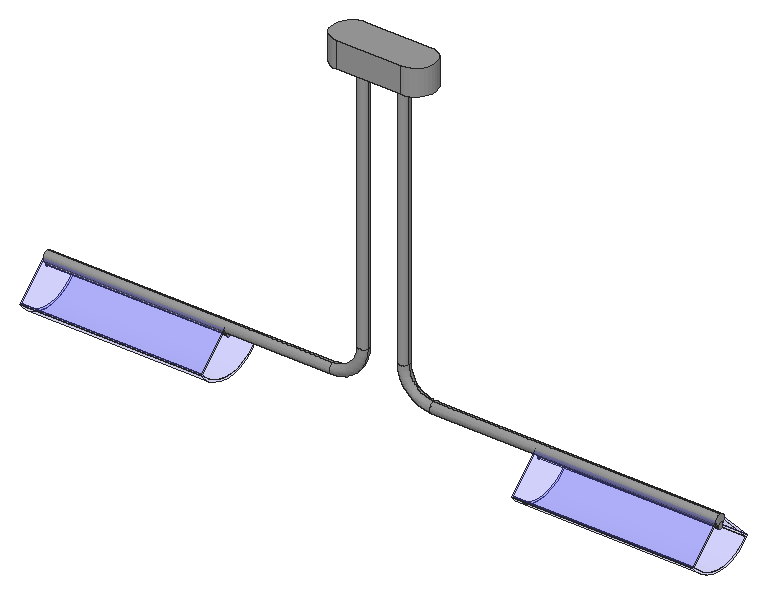
Revit family "Solute Pendant Light", category Generic Models, Revit 2021
Family settings
  Can host rebar = No
  Round Connector Dimension = Use Diameter
  Part Type = Normal
  Work Plane-Based = No
  Always vertical = Yes
  Cut with Voids When Loaded = No
  Shared = No
  Room Calculation Point = No
Parameters
  TOTAL LENGTH = 700 mm
  Default Elevation = 0 mm
Reference planes
  plane 1 "Center (Front/Back)": y = 0
  plane 2: z = 0
  plane 3 "Center (Left/Right)": x = 0
  plane 4 "LIGHT SOURCE ELEVATION": z = -700
Forms (mm)
  Sweep 1, solid, material "BLACK FRAME"
    path in 3D
      loop
        line (-39.827, 0, -50) -> (-39.827, 0, -548.298)
        arc (-39.827, 0, -548.298) -> (-57.085, 0, -589.963) -> (-98.75, 0, -607.221) r 58.923
        line (-98.75, 0, -607.221) -> (-663.75, 0, -607.221)
    profile origin (-39.827, 0, -299.149) x (-1, 0, 0) y (0, -1, 0)
      loop
        circle (0, 0) r 10
  Extrusion 2, solid, material "Glass (JAM)"
    sketch origin (-413.75, 1136.459, 68.156) x (0, -1, 0) y (0, 0, 1)
      loop
        line (1131.415, -669.272) -> (1068.502, -732.184)
        arc (1068.502, -732.184) -> (1136.495, -766.859) -> (1204.488, -732.184) r 83.999
        line (1204.488, -732.184) -> (1141.504, -669.201) -> (1141.504, -674.858) -> (1199.193, -732.547)
        arc (1199.193, -732.547) -> (1136.495, -762.859) -> (1073.797, -732.547) r 79.999
        line (1073.797, -732.547) -> (1131.415, -674.929) -> (1131.415, -669.272)
    from -107.384 to 249.983
  Extrusion 3, solid, material "BLACK FRAME"
    sketch origin (0, 0, 0) x (1, 0, 0) y (0, 1, 0)
      loop
        arc (-63.125, 36.55) -> (-100.094, -0.419) -> (-63.125, -37.388) r 36.969
        line (-63.125, -37.388) -> (63.125, -37.388)
        arc (63.125, -37.388) -> (100.094, -0.419) -> (63.125, 36.55) r 36.969
        line (63.125, 36.55) -> (-63.125, 36.55)
    from -50 to 0
  Extrusion 4, solid, material "BLACK FRAME"
    sketch origin (0, 0, 11.562) x (0, 1, 0) y (0, 0, 1)
      loop
        line (3.44, -623.94) -> (-3.56, -623.94) -> (-3.56, -631.963)
        arc (-3.56, -631.963) -> (-0.06, -635.463) -> (3.44, -631.963) r 3.5
        line (3.44, -631.963) -> (3.44, -623.94)
    from -663.75 to -662.193
  Extrusion 5, solid, material "Light Source (JAM)"
    sketch origin (0, 0, 11.562) x (0, 1, 0) y (0, 0, 1)
      loop
        line (3.44, -623.94) -> (-3.56, -623.94) -> (-3.56, -631.963)
        arc (-3.56, -631.963) -> (-0.06, -635.463) -> (3.44, -631.963) r 3.5
        line (3.44, -631.963) -> (3.44, -623.94)
    from -307.924 to -662.193
  Sweep 6, solid, material "BLACK FRAME"
    path in 3D
      loop
        line (39.827, 0, -50) -> (39.827, 0, -548.298)
        arc (39.827, 0, -548.298) -> (57.085, 0, -589.963) -> (98.75, 0, -607.221) r 58.923
        line (98.75, 0, -607.221) -> (663.75, 0, -607.221)
    profile origin (39.827, 0, -299.149) x (1, 0, 0) y (0, 1, 0)
      loop
        circle (0, 0) r 10
  Extrusion 7, solid, material "Glass (JAM)"
    sketch origin (413.75, 1136.459, 68.156) x (0, -1, 0) y (0, 0, -1)
      loop
        line (1131.415, 669.272) -> (1131.415, 674.929) -> (1073.797, 732.547)
        arc (1073.797, 732.547) -> (1136.495, 762.859) -> (1199.193, 732.547) r 79.999
        line (1199.193, 732.547) -> (1141.504, 674.858) -> (1141.504, 669.201) -> (1204.488, 732.184)
        arc (1204.488, 732.184) -> (1136.495, 766.859) -> (1068.502, 732.184) r 83.999
        line (1068.502, 732.184) -> (1131.415, 669.272)
    from -107.384 to 249.983
  Extrusion 8, solid, material "BLACK FRAME"
    sketch origin (355.826, 0, 11.562) x (0, 1, 0) y (0, 0, 1)
      loop
        line (3.44, -623.94) -> (-3.56, -623.94) -> (-3.56, -631.963)
        arc (-3.56, -631.963) -> (-0.06, -635.463) -> (3.44, -631.963) r 3.5
        line (3.44, -631.963) -> (3.44, -623.94)
    from -663.75 to -662.193
  Extrusion 9, solid, material "BLACK FRAME"
    sketch origin (0, 0, 11.562) x (0, 1, 0) y (0, 0, -1)
      loop
        line (3.44, 623.94) -> (3.44, 631.963)
        arc (3.44, 631.963) -> (-0.06, 635.463) -> (-3.56, 631.963) r 3.5
        line (-3.56, 631.963) -> (-3.56, 623.94) -> (3.44, 623.94)
    from -663.75 to -662.193
  Extrusion 10, solid, material "Light Source (JAM)"
    sketch origin (0, 0, 11.562) x (0, 1, 0) y (0, 0, -1)
      loop
        line (3.44, 623.94) -> (3.44, 631.963)
        arc (3.44, 631.963) -> (-0.06, 635.463) -> (-3.56, 631.963) r 3.5
        line (-3.56, 631.963) -> (-3.56, 623.94) -> (3.44, 623.94)
    from -307.924 to -662.193
  Extrusion 11, solid, material "BLACK FRAME"
    sketch origin (-355.826, 0, 11.562) x (0, 1, 0) y (0, 0, -1)
      loop
        line (3.44, 623.94) -> (3.44, 631.963)
        arc (3.44, 631.963) -> (-0.06, 635.463) -> (-3.56, 631.963) r 3.5
        line (-3.56, 631.963) -> (-3.56, 623.94) -> (3.44, 623.94)
    from -663.75 to -662.193
Lines and regions (mm)
  sketch lines
    curve 1: line (-39.827, 0, -50) -> (-39.827, 0, -548.298)
    curve 2: arc (-98.75, 0, -607.221) -> (-57.085, 0, -589.963) -> (-39.827, 0, -548.298) r 58.923
    curve 3: line (-98.75, 0, -607.221) -> (-663.75, 0, -607.221)
    curve 4: line (39.827, 0, -50) -> (39.827, 0, -548.298)
    curve 5: arc (98.75, 0, -607.221) -> (57.085, 0, -589.963) -> (39.827, 0, -548.298) r 58.923
    curve 6: line (98.75, 0, -607.221) -> (663.75, 0, -607.221)
Dimensions and locks
  "TOTAL LENGTH": level to plane 4 "LIGHT SOURCE ELEVATION"
  aligned and locked: level to plane 2
Automatic sketch dimensions
  Sweep 1 sketch curve to profile plane = 0 mm  (x2)
  Extrusion 2 sketch curve to Extrusion 2 sketch curve = 0 mm  (x2)
  Extrusion 2 sketch curve to plane 1 "Center (Front/Back)" = 67.957 mm
  Extrusion 2 sketch curve to Extrusion 2 sketch curve = 5.294 mm  (x2)
  Extrusion 2 sketch curve to plane 1 "Center (Front/Back)" = 5.045 mm
  plane 1 "Center (Front/Back)" to Extrusion 2 sketch curve = 0.036 mm
  plane 1 "Center (Front/Back)" to Extrusion 2 sketch curve = 5.045 mm
  plane 4 "LIGHT SOURCE ELEVATION" to Extrusion 2 sketch curve = 35.608 mm
  plane 1 "Center (Front/Back)" to Extrusion 2 sketch curve = 62.734 mm
  plane 4 "LIGHT SOURCE ELEVATION" to Extrusion 2 sketch curve = 35.971 mm
  Extrusion 2 sketch curve to Extrusion 2 sketch curve = 49.687 mm
  Extrusion 2 sketch curve to Extrusion 2 sketch curve = 7.931 mm
  Extrusion 2 sketch curve to Extrusion 2 sketch curve = 8.002 mm
  Extrusion 2 sketch curve to Extrusion 2 sketch curve = 5.657 mm  (x2)
  plane 1 "Center (Front/Back)" to Extrusion 3 sketch curve = 0.419 mm
  Extrusion 3 sketch curve to plane 3 "Center (Left/Right)" = 63.125 mm
  plane 3 "Center (Left/Right)" to Extrusion 3 sketch curve = 63.125 mm
  Extrusion 3 sketch curve to Extrusion 3 sketch curve = 36.969 mm
  plane 1 "Center (Front/Back)" to Extrusion 4 sketch curve = 3.56 mm
  plane 1 "Center (Front/Back)" to Extrusion 4 sketch curve = 0.06 mm
  plane 4 "LIGHT SOURCE ELEVATION" to Extrusion 4 sketch curve = 79.6 mm
  Extrusion 4 sketch curve to Extrusion 4 sketch curve = 8.023 mm
  plane 1 "Center (Front/Back)" to Extrusion 5 sketch curve = 3.56 mm
  plane 1 "Center (Front/Back)" to Extrusion 5 sketch curve = 0.06 mm
  plane 4 "LIGHT SOURCE ELEVATION" to Extrusion 5 sketch curve = 79.6 mm
  Extrusion 5 sketch curve to Extrusion 5 sketch curve = 8.023 mm
  profile plane to Sweep 6 sketch curve = 0 mm
  Sweep 6 sketch curve to profile plane = 0 mm
  Extrusion 7 sketch curve to Extrusion 7 sketch curve = 0 mm  (x2)
  Extrusion 7 sketch curve to plane 1 "Center (Front/Back)" = 67.957 mm
  Extrusion 7 sketch curve to Extrusion 7 sketch curve = 5.294 mm  (x2)
  Extrusion 7 sketch curve to plane 1 "Center (Front/Back)" = 5.045 mm
  plane 1 "Center (Front/Back)" to Extrusion 7 sketch curve = 0.036 mm
  plane 1 "Center (Front/Back)" to Extrusion 7 sketch curve = 5.045 mm
  plane 4 "LIGHT SOURCE ELEVATION" to Extrusion 7 sketch curve = 35.608 mm
  plane 1 "Center (Front/Back)" to Extrusion 7 sketch curve = 62.734 mm
  plane 4 "LIGHT SOURCE ELEVATION" to Extrusion 7 sketch curve = 35.971 mm
  Extrusion 7 sketch curve to Extrusion 7 sketch curve = 49.687 mm
  Extrusion 7 sketch curve to Extrusion 7 sketch curve = 7.931 mm
  Extrusion 7 sketch curve to Extrusion 7 sketch curve = 8.002 mm
  Extrusion 7 sketch curve to Extrusion 7 sketch curve = 5.657 mm  (x2)
  plane 1 "Center (Front/Back)" to Extrusion 8 sketch curve = 3.56 mm
  plane 1 "Center (Front/Back)" to Extrusion 8 sketch curve = 0.06 mm
  plane 4 "LIGHT SOURCE ELEVATION" to Extrusion 8 sketch curve = 79.6 mm
  Extrusion 8 sketch curve to Extrusion 8 sketch curve = 8.023 mm
  plane 1 "Center (Front/Back)" to Extrusion 9 sketch curve = 3.56 mm
  plane 1 "Center (Front/Back)" to Extrusion 9 sketch curve = 0.06 mm
  plane 4 "LIGHT SOURCE ELEVATION" to Extrusion 9 sketch curve = 87.623 mm
  Extrusion 9 sketch curve to Extrusion 9 sketch curve = 8.023 mm
  plane 1 "Center (Front/Back)" to Extrusion 10 sketch curve = 3.56 mm
  plane 1 "Center (Front/Back)" to Extrusion 10 sketch curve = 0.06 mm
  plane 4 "LIGHT SOURCE ELEVATION" to Extrusion 10 sketch curve = 87.623 mm
  Extrusion 10 sketch curve to Extrusion 10 sketch curve = 8.023 mm
  plane 1 "Center (Front/Back)" to Extrusion 11 sketch curve = 3.56 mm
  plane 1 "Center (Front/Back)" to Extrusion 11 sketch curve = 0.06 mm
  plane 4 "LIGHT SOURCE ELEVATION" to Extrusion 11 sketch curve = 87.623 mm
  Extrusion 11 sketch curve to Extrusion 11 sketch curve = 8.023 mm
  radius of Sweep 1 sketch curve = 10 mm
  radius of Sweep 6 sketch curve = 10 mm
